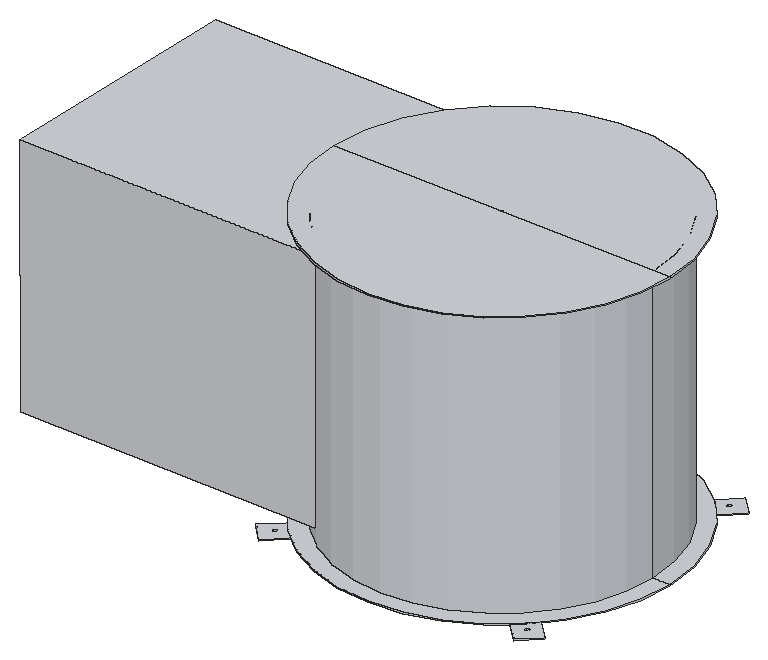
Revit family "AFB-H_Upblast_Floor_Mount", category Mechanical Equipment, Revit 2019
Family settings
  Round Connector Dimension = Use Radius
  Part Type = Normal
  Work Plane-Based = No
  Always vertical = Yes
  Cut with Voids When Loaded = No
  Shared = No
  Room Calculation Point = No
Parameters (values of type "36_AFB-H_UPBLAST_FLOOR")
  Unit Weight [instance] = ""
  ModelID [instance] = ""
  L/2 = L / 2  # 1' - 3 17/32"
  L = 2' - 7 1/16"
  K/2 = K / 2  # 0' - 0 7/32"
  K = 0' - 0 7/16"
  J/2 = J / 2  # 1' - 9 31/32"
  Accessories [instance] = ""
  45 = 45.00°  # constant formula
  (L-1")/2 = (L - 0' 1") / 2  # 1' - 3 1/32"
  (J+(J-A))/2 = (J + ((J - A) / 2)) / 2  # 1' - 11 45/64"
  J = 3' - 7 15/16"
  CENTER = 0' - 0"  # constant formula
  H-(A/2) = H - (A / 2)  # 2' - 4 3/4"
  H+J = H + CENTER  # 3' - 11 1/4"
  H = 3' - 11 1/4"
  Sones [instance] = ""
  Motor RPM [instance] = ""
  Motor Enclosure [instance] = ""
  LwA [instance] = ""
  G = 6' - 0"
  Fan RPM [instance] = ""
  F/2 = F / 2  # 0' - 0 7/32"
  F = 0' - 0 7/16"
  E/2 = E / 2  # 1' - 5"
  E-2" = E - 0' 2"  # 2' - 8"
  E = 2' - 10"
  C/2+J = C / 2 + CENTER  # 1' - 7 1/2"
  C/2 = C / 2  # 1' - 7 1/2"
  C = 3' - 3"
  B/2 = B / 2  # 1' - 8 11/16"
  B = 3' - 5 3/8"
  A/3 = A / 2.5  # 1' - 2.8"
  A/2 = A / 2  # 1' - 6 1/2"
  A = 3' - 1"
  60 = 60.00°  # constant formula
  30 = 30.00°  # constant formula
  3" = 0' - 3"  # constant formula
  Brake Hp [instance] = ""
  4" = 0' - 4"  # constant formula
  2' = 2' - 0"
  2" = 0' - 2"  # constant formula
  1" = 0' - 1"  # constant formula
  0 = 0' - 0"  # constant formula
  Voltage [instance] = 0 V
  URL = "www.lorencook.com"
  Type Comments = "Tube Axial Fan Upblast Floor Mount High Temperature Construction Belt Drive Arrangement 9"  # constant formula
  Static Pressure [instance] = 0.00 in-wg
  Power [instance] = Voltage * Motor FLA * sqrt(if(Phase = 3, 3, 1))  # 0 VA
  Phase [instance] = 0
  Number of Poles [instance] = 1
  Motor Hp [instance] = "0"
  Motor FLA [instance] = 0 A
  Model = "AFB-H"  # constant formula
  Manufacturer = "Loren Cook Company"
  CFM [instance] = 0 CFM
  1.5 = 0' - 1 1/2"  # constant formula
  ONE EIGTH = 0' - 0 1/8"  # constant formula
  -E/2 = -E / 2  # -1' - 5"
  -(E-.25")/2 = -(E - 0' 0 1/4") / 2  # -1' - 4 7/8"
  (K/2)-((J-A-.25")/2) = (K / 2) - ((J - A - 0' 0 1/4") / 2)  # -0' - 3 1/8"
  (J-A-.25") = (J - A - 0' 0 1/4")  # 0' - 6 11/16"
  (H-(A/2))/2 = (H - (A / 2)) / 2  # 1' - 2 3/8"
  (E-.25")/2 = (E - 0' 0 1/4") / 2  # 1' - 4 7/8"
  (A+.25")/2 = (A + 0' 0 1/4") / 2  # 1' - 6 5/8"
Types (10): name | L/2 | L | K/2 | K | J/2 | (L-1")/2 | (J+(J-A))/2 | J | H-(A/2) | H+J | H | F/2 | F | E/2 | E-2" | E | C/2+J | C/2 | C | B/2 | B | A/3 | A/2 | A | -E/2 | -(E-.25")/2 | (K/2)-((J-A-.25")/2) | (J-A-.25") | (H-(A/2))/2 | (E-.25")/2 | (A+.25")/2
  (no name) | 1' - 3 17/32" | 2' - 7 1/16" | 0' - 0 7/32" | 0' - 0 7/16" | 1' - 9 31/32" | 1' - 3 1/32" | 1' - 11 45/64" | 3' - 7 15/16" | 2' - 4 3/4" | 3' - 11 1/4" | 3' - 11 1/4" | 0' - 0 7/32" | 0' - 0 7/16" | 1' - 5" | 2' - 8" | 2' - 10" | 1' - 7 1/2" | 1' - 7 1/2" | 3' - 3" | 1' - 8 11/16" | 3' - 5 3/8" | 1' - 2.8" | 1' - 6 1/2" | 3' - 1" | -1' - 5" | -1' - 4 7/8" | -0' - 3 1/8" | 0' - 6 11/16" | 1' - 2 3/8" | 1' - 4 7/8" | 1' - 6 5/8"
  12_AFB-H_UPBLAST_FLOOR | 0' - 6 3/8" | 1' - 0 3/4" | 0' - 0 3/16" | 0' - 0 3/8" | 0' - 9 1/32" | 0' - 5 7/8" | 0' - 10 21/64" | 1' - 6 1/16" | 1' - 6 3/16" | 2' - 0 5/8" | 2' - 0 5/8" | 0' - 0 5/32" | 0' - 0 5/16" | 0' - 11" | 1' - 8" | 1' - 10" | 0' - 7 5/16" | 0' - 7 5/16" | 1' - 2 5/8" | 0' - 7 13/16" | 1' - 3 5/8" | 0' - 5.15" | 0' - 6 7/16" | 1' - 0 7/8" | -0' - 11" | -0' - 10 7/8" | -0' - 2 9/32" | 0' - 4 15/16" | 0' - 9 3/32" | 0' - 10 7/8" | 0' - 6 9/16"
  16_AFB-H_UPBLAST_FLOOR | 0' - 7 13/16" | 1' - 3 5/8" | 0' - 0 3/16" | 0' - 0 3/8" | 0' - 11 1/32" | 0' - 7 5/16" | 1' - 0 21/64" | 1' - 10 1/16" | 1' - 9 11/16" | 2' - 6 1/8" | 2' - 6 1/8" | 0' - 0 5/32" | 0' - 0 5/16" | 1' - 0 1/2" | 1' - 11" | 2' - 1" | 0' - 9 5/16" | 0' - 9 5/16" | 1' - 6 5/8" | 0' - 9 13/16" | 1' - 7 5/8" | 0' - 6 3/4" | 0' - 8 7/16" | 1' - 4 7/8" | -1' - 0 1/2" | -1' - 0 3/8" | -0' - 2 9/32" | 0' - 4 15/16" | 0' - 10 27/32" | 1' - 0 3/8" | 0' - 8 9/16"
  18_AFB-H_UPBLAST_FLOOR | 0' - 8 1/2" | 1' - 5" | 0' - 0 3/16" | 0' - 0 3/8" | 1' - 0 1/32" | 0' - 8" | 1' - 1 21/64" | 2' - 0 1/16" | 1' - 9 11/16" | 2' - 7 1/8" | 2' - 7 1/8" | 0' - 0 5/32" | 0' - 0 5/16" | 1' - 0 1/2" | 1' - 11" | 2' - 1" | 0' - 10 5/16" | 0' - 10 5/16" | 1' - 8 5/8" | 0' - 10 13/16" | 1' - 9 5/8" | 0' - 7.55" | 0' - 9 7/16" | 1' - 6 7/8" | -1' - 0 1/2" | -1' - 0 3/8" | -0' - 2 9/32" | 0' - 4 15/16" | 0' - 10 27/32" | 1' - 0 3/8" | 0' - 9 9/16"
  24_AFB-H_UPBLAST_FLOOR | 0' - 10 7/8" | 1' - 9 3/4" | 0' - 0 3/16" | 0' - 0 3/8" | 1' - 3 13/32" | 0' - 10 3/8" | 1' - 4 57/64" | 2' - 6 13/16" | 2' - 3 7/16" | 3' - 3 7/8" | 3' - 3 7/8" | 0' - 0 7/32" | 0' - 0 7/16" | 1' - 3 1/2" | 2' - 5" | 2' - 7" | 1' - 1 7/16" | 1' - 1 7/16" | 2' - 2 7/8" | 1' - 2 9/16" | 2' - 5 1/8" | 0' - 9.95" | 1' - 0 7/16" | 2' - 0 7/8" | -1' - 3 1/2" | -1' - 3 3/8" | -0' - 2 21/32" | 0' - 5 11/16" | 1' - 1 23/32" | 1' - 3 3/8" | 1' - 0 9/16"
  28_AFB-H_UPBLAST_FLOOR | 1' - 0 5/16" | 2' - 0 5/8" | 0' - 0 3/16" | 0' - 0 3/8" | 1' - 5 13/32" | 0' - 11 13/16" | 1' - 6 57/64" | 2' - 10 13/16" | 2' - 3 7/16" | 3' - 5 7/8" | 3' - 5 7/8" | 0' - 0 7/32" | 0' - 0 7/16" | 1' - 3 1/2" | 2' - 5" | 2' - 7" | 1' - 3 7/16" | 1' - 3 7/16" | 2' - 6 7/8" | 1' - 4 9/16" | 2' - 9 1/8" | 0' - 11.55" | 1' - 2 7/16" | 2' - 4 7/8" | -1' - 3 1/2" | -1' - 3 3/8" | -0' - 2 21/32" | 0' - 5 11/16" | 1' - 1 23/32" | 1' - 3 3/8" | 1' - 2 9/16"
  32_AFB-H_UPBLAST_FLOOR | 1' - 2 1/8" | 2' - 4 1/4" | 0' - 0 7/32" | 0' - 0 7/16" | 1' - 7 31/32" | 1' - 1 5/8" | 1' - 9 45/64" | 3' - 3 15/16" | 2' - 4 3/4" | 3' - 9 1/4" | 3' - 9 1/4" | 0' - 0 7/32" | 0' - 0 7/16" | 1' - 5" | 2' - 8" | 2' - 10" | 1' - 5 1/2" | 1' - 5 1/2" | 2' - 11" | 1' - 6 5/8" | 3' - 1 1/4" | 1' - 1.2" | 1' - 4 1/2" | 2' - 9" | -1' - 5" | -1' - 4 7/8" | -0' - 3 1/8" | 0' - 6 11/16" | 1' - 2 3/8" | 1' - 4 7/8" | 1' - 4 5/8"
  36_AFB-H_UPBLAST_FLOOR | 1' - 3 17/32" | 2' - 7 1/16" | 0' - 0 7/32" | 0' - 0 7/16" | 1' - 9 31/32" | 1' - 3 1/32" | 1' - 11 45/64" | 3' - 7 15/16" | 2' - 4 3/4" | 3' - 11 1/4" | 3' - 11 1/4" | 0' - 0 7/32" | 0' - 0 7/16" | 1' - 5" | 2' - 8" | 2' - 10" | 1' - 7 1/2" | 1' - 7 1/2" | 3' - 3" | 1' - 8 11/16" | 3' - 5 3/8" | 1' - 2.8" | 1' - 6 1/2" | 3' - 1" | -1' - 5" | -1' - 4 7/8" | -0' - 3 1/8" | 0' - 6 11/16" | 1' - 2 3/8" | 1' - 4 7/8" | 1' - 6 5/8"
  14_AFB-H_UPBLAST_FLOOR | 0' - 7 3/32" | 1' - 2 3/16" | 0' - 0 3/16" | 0' - 0 3/8" | 0' - 10 1/32" | 0' - 6 19/32" | 0' - 11 21/64" | 1' - 8 1/16" | 1' - 6 3/16" | 2' - 1 5/8" | 2' - 1 5/8" | 0' - 0 5/32" | 0' - 0 5/16" | 0' - 11" | 1' - 8" | 1' - 10" | 0' - 8 5/16" | 0' - 8 5/16" | 1' - 4 5/8" | 0' - 8 27/32" | 1' - 5 11/16" | 0' - 5.95" | 0' - 7 7/16" | 1' - 2 7/8" | -0' - 11" | -0' - 10 7/8" | -0' - 2 9/32" | 0' - 4 15/16" | 0' - 9 3/32" | 0' - 10 7/8" | 0' - 7 9/16"
  20_AFB-H_UPBLAST_FLOOR | 0' - 9 5/16" | 1' - 6 5/8" | 0' - 0 3/16" | 0' - 0 3/8" | 1' - 1 5/32" | 0' - 8 13/16" | 1' - 2 33/64" | 2' - 2 5/16" | 1' - 9 11/16" | 2' - 8 1/8" | 2' - 8 1/8" | 0' - 0 5/32" | 0' - 0 5/16" | 1' - 3 1/2" | 2' - 5" | 2' - 7" | 0' - 11 3/16" | 0' - 11 3/16" | 1' - 10 3/8" | 0' - 11 27/32" | 1' - 11 11/16" | 0' - 8.35" | 0' - 10 7/16" | 1' - 8 7/8" | -1' - 3 1/2" | -1' - 3 3/8" | -0' - 2 13/32" | 0' - 5 3/16" | 0' - 10 27/32" | 1' - 3 3/8" | 0' - 10 9/16"
Reference planes (in)
  plane 1 "Center (Front/Back)": y = 0
  plane 2: z = 0
  plane 3 "Center (Left/Right)": x = 0.40541
Forms (in)
  Revolve 1, solid
    sketch origin (0, 0, 0) x (1, 0, 0) y (0, 0, 1)
      loop
        line (0.40541, -17) -> (21.09291, -17) -> (21.09291, -16.875) -> (19.03041, -16.875) -> (19.03041, 16.875) -> (21.09291, 16.875) -> (21.09291, 17) -> (0.40541, 17) -> (0.40541, -17)
      axis (0.40541, -17) -> (0.40541, 17)
    angle from 0 to 360
  Extrusion 2, solid
    sketch origin (0.40541, 0, 16.875) x (1, 0, 0) y (0, -1, 0)
      loop
        arc (-10.99782, -15.03125) -> (-18.625, 0) -> (-10.99782, 15.03125) r 18.625
        line (-10.99782, 15.03125) -> (-47.25, 15.03125) -> (-47.25, -15.03125) -> (-10.99782, -15.03125)
    from 32 <- "E-2"" to 2
  Extrusion 3, void
    sketch origin (0, 0, 0) x (1, 0, 0) y (0, 1, 0)
      loop
        circle (0.40541, 0) r 0.125
    from -17 <- "-E/2" to 17 <- "E/2"
  Extrusion 4, solid
    sketch origin (0.40541, 0, -16.875) x (1, 0, 0) y (0, 1, 0)
      loop
        arc (-15.66639, 17.78771) -> (-16.76064, 16.76064) -> (-17.78771, 15.66639) r 23.70313
        line (-17.78771, 15.66639) -> (-15.65043, 13.52911)
        arc (-15.65043, 13.52911) -> (-14.62827, 14.62827) -> (-13.52911, 15.65043) r 20.6875
        line (-13.52911, 15.65043) -> (-15.66639, 17.78771)
      loop
        arc (15.66639, -17.78771) -> (16.76064, -16.76064) -> (17.78771, -15.66639) r 23.70313
        line (17.78771, -15.66639) -> (15.65043, -13.52911)
        arc (15.65043, -13.52911) -> (14.62827, -14.62827) -> (13.52911, -15.65043) r 20.6875
        line (13.52911, -15.65043) -> (15.66639, -17.78771)
      loop
        arc (-17.78771, -15.66639) -> (-16.76064, -16.76064) -> (-15.66639, -17.78771) r 23.70313
        line (-15.66639, -17.78771) -> (-13.52911, -15.65043)
        arc (-13.52911, -15.65043) -> (-14.62827, -14.62827) -> (-15.65043, -13.52911) r 20.6875
        line (-15.65043, -13.52911) -> (-17.78771, -15.66639)
      loop
        arc (17.78771, 15.66639) -> (16.76064, 16.76064) -> (15.66639, 17.78771) r 23.70313
        line (15.66639, 17.78771) -> (13.52911, 15.65043)
        arc (13.52911, 15.65043) -> (14.62827, 14.62827) -> (15.65043, 13.52911) r 20.6875
        line (15.65043, 13.52911) -> (17.78771, 15.66639)
    from 0 to -0.125
  Extrusion 5, void
    sketch origin (0, 0, 0) x (1, 0, 0) y (0, 1, 0)
      loop
        circle (15.93666, 15.53125) r 0.21875
      loop
        circle (-15.12584, 15.53125) r 0.21875
      loop
        circle (-15.12584, -15.53125) r 0.21875
      loop
        circle (15.93666, -15.53125) r 0.21875
    from 17 <- "E/2" to -17 <- "-E/2"
Cuts and joins
  Extrusion 3, Extrusion 5 cuts Revolve 1
  Extrusion 3, Extrusion 5 cuts Extrusion 2
  Extrusion 5 cuts Extrusion 4
Dimensions and locks (in)
  "0": Revolve 1 sketch curve to plane 3 "Center (Left/Right)"  (x2)
  "(A+.25")/2": Revolve 1 sketch curve to plane 3 "Center (Left/Right)"
  "B/2": Revolve 1 sketch curve to plane 3 "Center (Left/Right)"  (x2)
  "ONE EIGTH": Revolve 1 sketch curve to Revolve 1 sketch curve  (x2)
  "E": Revolve 1 sketch curve to Revolve 1 sketch curve
  "E/2": level to Revolve 1 sketch curve
  "H": Extrusion 2 sketch curve to plane 3 "Center (Left/Right)"
  "(L-1")/2": Extrusion 2 sketch curve to plane 1 "Center (Front/Back)"  (x2)
  "0": Extrusion 2 sketch curve to plane 3 "Center (Left/Right)"
  "0": Extrusion 2 sketch curve to plane 1 "Center (Front/Back)"
  "0": Extrusion 3 sketch curve to plane 3 "Center (Left/Right)"
  "0": plane 1 "Center (Front/Back)" to Extrusion 3 sketch curve
  "0": Extrusion 4 sketch curve to plane 3 "Center (Left/Right)"  (x8)
  "0": Extrusion 4 sketch curve to plane 1 "Center (Front/Back)"  (x8)
  "1.5": plane 3 "Center (Left/Right)" to Extrusion 4 sketch curve  (x3)
  "3"": Extrusion 4 sketch curve to Extrusion 4 sketch curve  (x4)
  "1.5": Extrusion 4 sketch curve to plane 3 "Center (Left/Right)"
  "L/2": plane 3 "Center (Left/Right)" to Extrusion 5 sketch curve  (x4)
  "L/2": plane 1 "Center (Front/Back)" to Extrusion 5 sketch curve  (x4)
  "(A+.25")/2": radius of Extrusion 2 sketch curve
  "ONE EIGTH": radius of Extrusion 3 sketch curve
  "(J+(J-A))/2": radius of Extrusion 4 sketch curve  (x4)
  "B/2": radius of Extrusion 4 sketch curve  (x4)
  "K/2": radius of Extrusion 5 sketch curve  (x4)
  "45": angle Extrusion 4 sketch curve to plane 3 "Center (Left/Right)"
  "45": angle Extrusion 4 sketch curve to plane 1 "Center (Front/Back)"  (x2)
  "45": angle plane 1 "Center (Front/Back)" to Extrusion 4 sketch curve
Automatic sketch dimensions
  Revolve 1 sketch curve to Revolve 1 sketch curve = 0' - 0"
  Revolve 1 sketch curve to Revolve 1 sketch curve = 1' - 6"
  Extrusion 2 sketch curve to Extrusion 2 sketch curve = 0' - 0"
Connectors (in)
  electrical at (-28.7185, -15.03125, -0.125)
    settings: on Extrusion 2, index 1, voltage 0 V, apparent load 0 VA, apparent load phase1 0 VA, apparent load phase2 0 VA, apparent load phase3 0 VA, power factor 1, load classification "Other", number of poles 1, system type 30, power factor state 1, is connector primary yes, connector utility no, sub classification motor no, connector description ""
  hvac at (0.40541, 0, 16.875), driven by "A/2"
    settings: on Revolve 1, index 2, duct flow 0 CFM, flow factor 0, pres drop 0.00 in-wg, loss coef 0, conn angle 0.00°, conn width 12", conn height 12", conn diameter 37", duct sys type 29, conn prof type 0, flow config 0, flow direction 2, loss method 0, conn ref index -1, conn util no, is conn primary yes, conn desc ""
  hvac at (0.40541, 0, -17), driven by "A/2"
    settings: on cut or joined group of Revolve 1, Extrusion 3, Extrusion 5, index 4, duct flow 0 CFM, flow factor 0, pres drop 0.00 in-wg, loss coef 0, conn angle 0.00°, conn width 12", conn height 12", conn diameter 37", duct sys type 29, conn prof type 0, flow config 0, flow direction 1, loss method 0, conn ref index -1, conn util no, is conn primary no, conn desc ""
